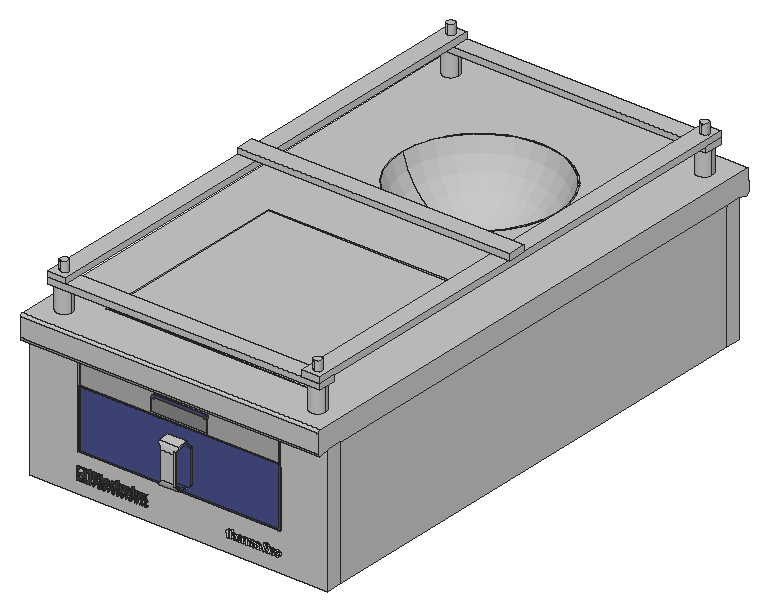
Revit family "QF_ELECTROLUXPROFESSIONAL_589851_MCIKACEODM", category Attrezzature speciali, Revit 2020
Family settings
  Quota connettore circolare = Usa diametro
  Tipo di parte = Normale
  Basato su piano di lavoro = No
  Sempre verticale = Sì
  Taglio con vuoti quando caricato = No
  Condiviso = No
  Punto di calcolo locali = No
Parameters (values of type "Standard")
  Weight = 25.00 kg
  Watts = 10000 W
  Volts = 440 V
  URL Manufacturer = "https://www.electroluxprofessional.com/"
  URL = "https://www.electroluxprofessional.com/"
  Steam Supply Size = 0"
  Steam Supply Minimum Pressure = 0.00 psi
  Steam Supply Maximum Pressure = 0.00 psi
  Steam Consumption per Hour = 0
  Refrigeration Suction Line Size = 0 mm
  Refrigeration Liquid Line Size = 0 mm
  Refrigerant Compressor Remote = yes
  Prospetto di default = 0 mm
  Phase = 3
  Modello = "MCIKACEODM"
  Produttore = "Electrolux Professional"
  Length Actual = 500 mm  # constant formula
  Item Number = "589851"
  Hot Water Size = 0"
  Height Actual = 250 mm  # constant formula
  HP = "13.4 HP"
  Gas Size = 0"
  Gas KW = 0
  Gas Input Pressure = 0.0 Btu/h
  Direct Waste Size = 0"
  Descrizione = "MARINE*IND.WOK,PLATE,2Z,2S,500X900X250H"
  Depth Actual = 900 mm  # constant formula
  Cycle = 50 Hz
  Condensate Return Size = 0"
  Compressed Air Volume = 0 GPM
  Compressed Air Size = 0"
  Compressed Air Pressure = 0.00 psi
  Cold Water Size = 0"
  Accessory = yes
Reference planes
  plane 1 "BACK": y = 0
  plane 2: z = 0
  plane 3 "LEFT": x = 0
  plane 4 "RIGHT": x = 500
  plane 5 "FRONT": y = -900
  plane 6 "TOP": z = 900
  plane 7 "Center (Left/Right)": x = 250
  plane 8 "Center (Back/Front)": y = -450
  plane 9: y = -150
  plane 10: x = 80
  plane 11: x = 420
  plane 12: y = -80
  plane 13: y = -420
  plane 14 "EIx": x = 455
  plane 15 "EIy": y = -685
  plane 16: z = 938
  plane 17 "BaseTop": z = 650
  plane 18: y = -855
  plane 19 "CenterWok": z = 975
  plane 20 "CenterWokY": y = -250
  plane 21: y = -650
Forms (mm)
  Extrusion 1, solid, material "QF_Finishes_Stainless Steel"
    sketch origin (0, 0, 650) x (-1, 0, 0) y (0, -1, 0)
      loop
        line (0, 45) -> (0, 855) -> (-500, 855) -> (-500, 45) -> (0, 45)
    from 0 to 212.969
  Extrusion 2, solid, material "QF_Finishes_Stainless Steel"
    sketch origin (0, 0, 650) x (-1, 0, 0) y (0, -1, 0)
      loop
        circle (-455, 685) r 6.35
    from 0 to -11.851
  Extrusion 3, solid, material "QF_Finishes_Stainless Steel"
    sketch origin (250, 296.4, 1219.2) x (0, 1, 0) y (0, 0, 1)
      loop
        line (-296.4, -319.2) -> (-1191.4, -319.2)
        arc (-1191.4, -319.2) -> (-1194.935, -320.664) -> (-1196.4, -324.2) r 5
        line (-1196.4, -324.2) -> (-1196.4, -355.2)
        arc (-1196.4, -355.2) -> (-1194.971, -358.264) -> (-1191.705, -359.139) r 4
        line (-1191.705, -359.139) -> (-1176.4, -356.231) -> (-316.4, -356.231) -> (-301.094, -359.139)
        arc (-301.094, -359.139) -> (-297.829, -358.264) -> (-296.4, -355.2) r 4
        line (-296.4, -355.2) -> (-296.4, -319.2)
    from -250 to 250
  Revolve 4, void
    sketch origin (0, -250, 0) x (-1, 0, 0) y (0, 0, 1)
      loop
        line (-250, 900) -> (-250, 796.046)
        arc (-250, 796.046) -> (-166.56, 825.209) -> (-119.452, 900) r 133.95
        line (-119.452, 900) -> (-250, 900)
      axis (-250, 900) -> (-250, 796.046)
    angle from 0 to 360
  Revolve 5, solid, material "QF_Finishes_Stainless Steel"
    sketch origin (0, -250, 0) x (-1, 0, 0) y (0, 0, 1)
      loop
        arc (-120.643, 900) -> (-167.423, 826.111) -> (-250, 797.321) r 132.823
        line (-250, 797.321) -> (-250, 796.252)
        arc (-250, 796.252) -> (-166.66, 825.351) -> (-119.546, 900) r 133.892
        line (-119.546, 900) -> (-120.643, 900)
      axis (-250, 796.252) -> (-250, 900)
    angle from 0 to 360
  Extrusion 6, void
    sketch origin (0, -400, 900) x (-1, 0, 0) y (0, -1, 0)
      loop
        line (-80, 80) -> (-80, 420) -> (-420, 420) -> (-420, 80) -> (-80, 80)
    from 0 to -20
  Extrusion 7, solid, material "QF_Finishes_Stainless Steel"
    sketch origin (0, -400, 900) x (-1, 0, 0) y (0, -1, 0)
      loop
        line (-82, 418) -> (-418, 418) -> (-418, 82) -> (-82, 82) -> (-82, 418)
    from 0 to -20
  Extrusion 8, solid, material "QF_Finishes_Stainless Steel"
    sketch origin (97.542, 0.026, 940) x (0, 1, 0) y (-1, 0, 0)
      loop
        line (-30, 75) -> (-60, 75) -> (-60, -380) -> (-30, -380) -> (-30, 75)
      loop
        line (-870, 75) -> (-870, -380) -> (-840, -380) -> (-840, 75) -> (-870, 75)
      loop
        circle (-855, 60) r 6.5
      loop
        circle (-855, -365) r 6.5
      loop
        circle (-45, 60) r 6.5
      loop
        circle (-45, -365) r 6.5
    from 0 to 10
  Extrusion 9, solid, material "QF_Finishes_Stainless Steel"
    sketch origin (97.542, 0.026, 950) x (0, 1, 0) y (-1, 0, 0)
      loop
        line (-30, 75) -> (-870, 75) -> (-870, 45) -> (-30, 45) -> (-30, 75)
      loop
        line (-30, -380) -> (-30, -350) -> (-870, -350) -> (-870, -380) -> (-30, -380)
      loop
        circle (-45, 60) r 6.5
      loop
        circle (-45, -365) r 6.5
      loop
        circle (-855, 60) r 6.5
      loop
        circle (-855, -365) r 6.5
    from 0 to 10
  Extrusion 10, solid, material "QF_Finishes_Stainless Steel"
    sketch origin (97.542, 0.026, 960) x (0, 1, 0) y (-1, 0, 0)
      loop
        line (-442.5, 75) -> (-472.5, 75) -> (-472.5, -380) -> (-442.5, -380) -> (-442.5, 75)
    from 0 to 10
  Extrusion 11, solid, material "QF_Finishes_Stainless Steel"
    sketch origin (97.542, -0.974, 900) x (-1, 0, 0) y (0, -1, 0)
      loop
        circle (60, 44) r 13
      loop
        circle (-365, 44) r 13
      loop
        circle (60, 854) r 13
      loop
        circle (-365, 854) r 13
    from 0 to 40
  Extrusion 12, solid, material "QF_Finishes_Stainless Steel"
    sketch origin (97.542, -0.974, 940) x (0, 1, 0) y (-1, 0, 0)
      loop
        circle (-854, 60) r 6.5
      loop
        circle (-854, -365) r 6.5
      loop
        circle (-44, 60) r 6.5
      loop
        circle (-44, -365) r 6.5
    from 0 to 35
Cuts and joins
  Revolve 4, Extrusion 6 cuts Extrusion 3
  Revolve 4 cuts Extrusion 1
Lines and regions (mm)
  symbolic lines
    curve 1: line (0, 0, 100) -> (500, 0, 100)
    curve 2: line (0, -900, 100) -> (0, 0, 100)
    curve 3: line (500, -900, 100) -> (0, -900, 100)
    curve 4: line (500, 0, 100) -> (500, -900, 100)
    curve 5: circle (250, -250, 0) r 135 normal (0, 0, 1)
    curve 6: line (80, -480, 900) -> (420, -480, 900)
    curve 7: line (80, -820, 900) -> (80, -480, 900)
    curve 8: line (420, -820, 900) -> (80, -820, 900)
    curve 9: line (420, -480, 900) -> (420, -820, 900)
    curve 24: line (22.542, -29.974, 900) -> (477.542, -29.974, 900)
    curve 25: line (22.542, -59.974, 900) -> (22.542, -29.974, 900)
    curve 26: line (447.542, -59.974, 900) -> (52.542, -59.974, 900)
    curve 27: line (477.542, -29.974, 900) -> (477.542, -59.974, 900)
    curve 28: line (22.542, -442.474, 900) -> (477.542, -442.474, 900)
    curve 29: line (22.542, -472.474, 900) -> (22.542, -442.474, 900)
    curve 30: line (477.542, -472.474, 900) -> (22.542, -472.474, 900)
    curve 31: line (477.542, -442.474, 900) -> (477.542, -472.474, 900)
    curve 32: line (52.542, -839.974, 900) -> (447.542, -839.974, 900)
    curve 33: line (22.542, -869.974, 900) -> (22.542, -839.974, 900)
    curve 34: line (477.542, -869.974, 900) -> (22.542, -869.974, 900)
    curve 35: line (477.542, -839.974, 900) -> (477.542, -869.974, 900)
    curve 36: line (22.542, -59.974, 900) -> (22.542, -442.474, 900)
    curve 37: line (22.542, -472.474, 900) -> (22.542, -839.974, 900)
    curve 38: line (477.542, -839.974, 900) -> (477.542, -472.474, 900)
    curve 39: line (477.542, -442.474, 900) -> (477.542, -59.974, 900)
    curve 40: line (447.542, -29.974, 900) -> (447.542, -442.474, 900)
    curve 41: line (447.542, -472.474, 900) -> (447.542, -869.974, 900)
    curve 42: line (52.542, -869.974, 900) -> (52.542, -472.474, 900)
    curve 43: line (52.542, -442.474, 900) -> (52.542, -29.974, 900)
    curve 44: circle (37.542, -44.974, 900) r 6.5 normal (0, 0, 1)
    curve 45: circle (462.542, -44.974, 900) r 6.5 normal (0, 0, 1)
    curve 46: circle (37.542, -854.974, 900) r 6.5 normal (0, 0, 1)
    curve 47: circle (462.542, -854.974, 900) r 6.5 normal (0, 0, 1)
  model lines
    curve 10: line (88.477, -504.179, 900) -> (102.619, -490.037, 900)
    curve 11: line (102.619, -490.037, 900) -> (397.381, -490.037, 900)
    curve 12: line (103.636, -507.353, 900) -> (89.494, -521.495, 900)
    curve 13: line (89.494, -521.495, 900) -> (89.494, -778.505, 900)
    curve 14: line (225, -625, 900) -> (275, -625, 900)
    curve 15: line (88.477, -795.821, 900) -> (102.619, -809.963, 900)
    curve 16: line (102.619, -809.963, 900) -> (397.381, -809.963, 900)
    curve 17: line (103.636, -792.647, 900) -> (89.494, -778.505, 900)
    curve 18: line (411.523, -504.179, 900) -> (397.381, -490.037, 900)
    curve 19: line (396.364, -507.353, 900) -> (410.506, -521.495, 900)
    curve 20: line (410.506, -521.495, 900) -> (410.506, -778.505, 900)
    curve 21: line (411.523, -795.821, 900) -> (397.381, -809.963, 900)
    curve 22: line (396.364, -792.647, 900) -> (410.506, -778.505, 900)
    curve 23: line (250, -650, 900) -> (250, -600, 900)
Dimensions and locks
  plane 3 "LEFT" to plane 4 "RIGHT" = 500 mm
  plane 5 "FRONT" to plane 1 "BACK" = 900 mm
  equal spacing: plane 3 "LEFT", plane 7 "Center (Left/Right)", plane 4 "RIGHT"
  equal spacing: plane 5 "FRONT", plane 8 "Center (Back/Front)", plane 1 "BACK"
  plane 6 "TOP" to level = 900 mm  (x2)
  plane 1 "BACK" to plane 9 = 150 mm
  plane 1 "BACK" to Extrusion 2 = 685 mm
  locked: plane 14 "EIx" to plane 4 "RIGHT" at 45
  plane 15 "EIy" to plane 1 "BACK" = 685 mm
  plane 16 to plane 6 "TOP" = 38 mm
  plane 12 to plane 1 "BACK" = 80 mm
  plane 3 "LEFT" to plane 10 = 80 mm
  plane 11 to plane 4 "RIGHT" = 80 mm
  locked: plane 6 "TOP" to plane 17 "BaseTop" at 250
  locked: plane 18 to plane 5 "FRONT" at 45
  plane 19 "CenterWok" to plane 6 "TOP" = 75 mm  (x2)
  plane 13 to plane 12 = 340 mm
  plane 20 "CenterWokY" to plane 1 "BACK" = 250 mm
  plane 5 "FRONT" to plane 21 = 250 mm
  aligned and locked: level to plane 2
  aligned and locked: nested 1 to plane 18
  aligned and locked: Extrusion 1 to plane 18
  aligned and locked: plane 3 "LEFT" to nested 1
  aligned and locked: cut or joined group of Extrusion 1, Revolve 4 to plane 17 "BaseTop"
  aligned and locked: cut or joined group of Extrusion 1, Revolve 4 to cut or joined group of Extrusion 3, Revolve 4, Extrusion 6
  aligned and locked: nested 2 to cut or joined group of Extrusion 1, Revolve 4
Automatic sketch dimensions
  Extrusion 2 sketch curve to plane 14 "EIx" = 0 mm
  Extrusion 2 sketch curve to plane 15 "EIy" = 0 mm
  Extrusion 6 sketch curve to plane 11 = 0 mm
  Extrusion 6 sketch curve to plane 10 = 0 mm
  plane 12 to Extrusion 6 sketch curve = 400 mm
  plane 13 to Extrusion 6 sketch curve = 400 mm
  plane 13 to Extrusion 7 sketch curve = 398 mm
  plane 11 to Extrusion 7 sketch curve = 2 mm
  Extrusion 7 sketch curve to plane 10 = 2 mm
  plane 12 to Extrusion 7 sketch curve = 402 mm
  Extrusion 3 sketch curve to plane 5 "FRONT" = 0 mm
  Extrusion 3 sketch curve to plane 6 "TOP" = 0 mm
  Extrusion 3 sketch curve to plane 1 "BACK" = 0 mm
  Extrusion 3 sketch curve to Extrusion 3 sketch curve = 4 mm
  Extrusion 3 sketch curve to Extrusion 3 sketch curve = 0.695 mm
  Extrusion 3 sketch curve to plane 5 "FRONT" = 5 mm
  Extrusion 3 sketch curve to Extrusion 3 sketch curve = 15.305 mm
  plane 1 "BACK" to Extrusion 3 sketch curve = 20 mm
  plane 1 "BACK" to Extrusion 3 sketch curve = 4.695 mm
  plane 1 "BACK" to Extrusion 3 sketch curve = 4 mm
  Extrusion 3 sketch curve to Extrusion 3 sketch curve = 31 mm
  Extrusion 3 sketch curve to Extrusion 3 sketch curve = 36 mm
  Extrusion 3 sketch curve to Extrusion 3 sketch curve = 2.909 mm
  curve 5 to plane 7 "Center (Left/Right)" = 0 mm
  curve 5 to plane 20 "CenterWokY" = 0 mm
  plane 1 "BACK" to curve 1 = 0 mm
  curve 1 to plane 4 "RIGHT" = 0 mm
  curve 3 to plane 3 "LEFT" = 0 mm
  plane 5 "FRONT" to curve 3 = 0 mm
  Revolve 4 sketch curve to plane 7 "Center (Left/Right)" = 0 mm  (x2)
  Revolve 4 sketch curve to plane 6 "TOP" = 0 mm
  Revolve 4 sketch curve to plane 10 = 39.452 mm
  Revolve 4 sketch curve to plane 6 "TOP" = 103.954 mm
  Revolve 4 sketch curve to Revolve 4 sketch curve = 0 mm
  plane 19 "CenterWok" to Revolve 4 sketch curve = 139.996 mm
  Revolve 5 sketch curve to Revolve 5 sketch curve = 0 mm  (x2)
  Revolve 5 sketch curve to plane 7 "Center (Left/Right)" = 0 mm  (x2)
  Revolve 5 sketch curve to plane 6 "TOP" = 0 mm
  Revolve 5 sketch curve to plane 10 = 40.643 mm
  Revolve 5 sketch curve to Revolve 5 sketch curve = 1.098 mm
  Revolve 5 sketch curve to plane 6 "TOP" = 102.679 mm
  Revolve 5 sketch curve to Revolve 5 sketch curve = 3.331 mm
  plane 16 to Revolve 5 sketch curve = 2.653 mm
  Extrusion 8 sketch curve to plane 18 = 14.974 mm
  plane 18 to Extrusion 8 sketch curve = 0.026 mm  (x2)
  plane 18 to Extrusion 8 sketch curve = 15.026 mm
  Extrusion 8 sketch curve to plane 12 = 20.026 mm
  Extrusion 8 sketch curve to Extrusion 8 sketch curve = 15 mm  (x7)
  Extrusion 8 sketch curve to plane 14 "EIx" = 7.542 mm  (x2)
  plane 3 "LEFT" to Extrusion 8 sketch curve = 37.542 mm  (x2)
  Extrusion 9 sketch curve to plane 18 = 14.974 mm  (x2)
  plane 18 to Extrusion 9 sketch curve = 0.026 mm  (x2)
  Extrusion 9 sketch curve to plane 12 = 35.026 mm  (x2)
  Extrusion 9 sketch curve to plane 14 "EIx" = 7.542 mm  (x2)
  plane 14 "EIx" to Extrusion 9 sketch curve = 7.458 mm
  Extrusion 9 sketch curve to Extrusion 9 sketch curve = 15 mm  (x6)
  plane 10 to Extrusion 9 sketch curve = 27.458 mm
  Extrusion 11 sketch curve to plane 14 "EIx" = 7.542 mm  (x2)
  plane 18 to Extrusion 11 sketch curve = 0.026 mm  (x2)
  plane 3 "LEFT" to Extrusion 11 sketch curve = 37.542 mm  (x2)
  Extrusion 11 sketch curve to plane 12 = 35.026 mm  (x2)
  plane 18 to Extrusion 12 sketch curve = 0.026 mm  (x2)
  Extrusion 12 sketch curve to plane 14 "EIx" = 7.542 mm  (x2)
  Extrusion 12 sketch curve to plane 12 = 35.026 mm  (x2)
  plane 3 "LEFT" to Extrusion 12 sketch curve = 37.542 mm  (x2)
  Extrusion 1 sketch curve to plane 4 "RIGHT" = 0 mm
  Extrusion 1 sketch curve to plane 3 "LEFT" = 0 mm
  Extrusion 1 sketch curve to plane 18 = 0 mm
  Extrusion 1 sketch curve to plane 12 = 35 mm
  plane 3 "LEFT" to Extrusion 10 sketch curve = 22.542 mm
  plane 13 to Extrusion 10 sketch curve = 52.474 mm
  Extrusion 10 sketch curve to Extrusion 10 sketch curve = 30 mm
  plane 4 "RIGHT" to Extrusion 10 sketch curve = 22.458 mm
  curve 9 to plane 11 = 0 mm
  plane 7 "Center (Left/Right)" to curve 23 = 0 mm
  curve 7 to plane 10 = 0 mm
  plane 12 to curve 6 = 400 mm
  plane 13 to curve 8 = 400 mm
  plane 4 "RIGHT" to curve 31 = 22.458 mm
  plane 11 to curve 19 = 9.494 mm
  plane 13 to curve 21 = 389.963 mm
  plane 11 to curve 21 = 22.619 mm
  plane 12 to curve 11 = 410.037 mm
  plane 11 to curve 11 = 22.619 mm
  curve 16 to plane 10 = 22.619 mm
  curve 10 to plane 10 = 22.619 mm
  curve 13 to plane 10 = 9.494 mm
  plane 3 "LEFT" to curve 37 = 22.542 mm
  curve 27 to plane 12 = 20.026 mm
  curve 25 to plane 12 = 20.026 mm
  plane 1 "BACK" to curve 27 = 29.974 mm
  curve 12 to plane 9 = 371.495 mm
  curve 20 to plane 9 = 371.495 mm
  curve 22 to curve 16 = 31.458 mm
  curve 17 to curve 15 = 31.458 mm
  plane 8 "Center (Back/Front)" to curve 31 = 7.526 mm
  curve 29 to plane 8 "Center (Back/Front)" = 22.474 mm
  plane 18 to curve 38 = 15.026 mm
  plane 18 to curve 37 = 15.026 mm
  curve 34 to plane 18 = 14.974 mm
  plane 14 "EIx" to curve 41 = 7.458 mm
  plane 14 "EIx" to curve 40 = 7.458 mm
  plane 11 to curve 18 = 8.477 mm
  plane 11 to curve 21 = 8.477 mm
  curve 18 to curve 19 = 15.16 mm
  curve 21 to curve 22 = 15.16 mm
  plane 7 "Center (Left/Right)" to curve 14 = 25 mm
  curve 14 to plane 7 "Center (Left/Right)" = 25 mm
  curve 17 to curve 15 = 1.017 mm
  curve 12 to curve 10 = 1.017 mm
  curve 10 to plane 10 = 8.477 mm
  curve 15 to plane 10 = 8.477 mm
  plane 10 to curve 43 = 27.458 mm
  plane 10 to curve 42 = 27.458 mm
  curve 26 to plane 12 = 20.026 mm
  curve 18 to curve 19 = 17.316 mm
  curve 10 to curve 12 = 17.316 mm
  curve 10 to curve 12 = 3.173 mm
  curve 18 to curve 19 = 3.173 mm
  curve 23 to plane 9 = 450 mm
  curve 23 to curve 14 = 25 mm
  curve 14 to curve 23 = 25 mm
  curve 22 to curve 16 = 17.316 mm
  curve 17 to curve 15 = 17.316 mm
  curve 17 to curve 15 = 3.173 mm
  curve 22 to curve 21 = 3.173 mm
  plane 18 to curve 32 = 15.026 mm
  radius of Extrusion 2 sketch curve = 6.35 mm
  radius of curve 5 = 135 mm
  radius of Extrusion 8 sketch curve = 6.5 mm  (x4)
  radius of Extrusion 9 sketch curve = 6.5 mm  (x4)
  radius of Extrusion 11 sketch curve = 13 mm  (x4)
  radius of Extrusion 12 sketch curve = 6.5 mm  (x4)
Nested families
  nested 1: "Front_Panel_W500_1 Knob" at (52.376, -855, 0), type "Front_Panel_W500_1 Knob"
  nested 2: "Front_Panel_W500_1 Knob" at (447.624, -45, 0) x (-1, 0, 0) z (0, 0, 1), type "Front_Panel_W500_1 Knob"
Connectors
  electrical at (455, -685, 638.149)
    settings: on Extrusion 2, index 1, voltage 400 V, apparent load 33000 VA, apparent load phase1 0 VA, apparent load phase2 0 VA, apparent load phase3 0 VA, power factor 1, load classification "Other", number of poles 1, system type 30, power factor state 1, is connector primary yes, connector utility no, sub classification motor no, connector description "ELECTRICAL CONNECTION"
Definition of nested family "Front_Panel_W500_1 Knob"
  Parameters
    Width = 500 mm
    Default Elevation = 0 mm
  Reference planes
    plane 1 "Center (Front/Back)": y = 0
    plane 2: z = 0
    plane 3 "Center (Left/Right)": x = 197.624
    plane 4 "Left": x = -52.376
    plane 5 "Right": x = 447.624
    plane 6: y = -45
    plane 7: y = -25
    plane 8: x = 367.624
    plane 9: x = 27.624
  Forms (mm)
    Extrusion 1, solid
      sketch origin (833.217, 829.203, -1.25) x (0, 1, 0) y (0, 0, 1)
        loop
          line (-854.203, 651.25) -> (-829.203, 651.25) -> (-829.203, 864.25) -> (-854.203, 864.25) -> (-854.203, 651.25)
      from -885.593 to -385.593
    Extrusion 2, void
      sketch origin (0, 0, 0) x (1, 0, 0) y (0, 0, 1)
        loop
          line (27.624, 853.866) -> (27.624, 711.866) -> (367.624, 711.866) -> (367.624, 853.866) -> (27.624, 853.866)
      from 19.387 to 33.951
  Cuts and joins
    Extrusion 2 cuts Extrusion 1
  Dimensions and locks
    equal spacing: plane 5 "Right", plane 3 "Center (Left/Right)", plane 4 "Left"
    "Width": plane 5 "Right" to plane 4 "Left"
    locked: plane 3 "Center (Left/Right)" to plane 9 at 170
    locked: plane 8 to plane 3 "Center (Left/Right)" at 170
    aligned and locked: cut or joined group of Extrusion 1, Extrusion 2 to plane 4 "Left"
    aligned and locked: plane 5 "Right" to cut or joined group of Extrusion 1, Extrusion 2
    aligned and locked: plane 3 "Center (Left/Right)" to nested 1
    aligned and locked: cut or joined group of Extrusion 1, Extrusion 2 to nested 1
    aligned and locked: plane 9 to Extrusion 2 sketch curve
    aligned and locked: Extrusion 2 sketch curve to plane 8
    aligned and locked: plane 9 to cut or joined group of Extrusion 1, Extrusion 2
    aligned and locked: plane 8 to cut or joined group of Extrusion 1, Extrusion 2
    aligned and locked: plane 9 to nested 1
    aligned and locked: plane 8 to nested 1
    aligned and locked: nested 4 to plane 9
  Automatic sketch dimensions
    Extrusion 1 sketch curve to plane 1 "Center (Front/Back)" = 0 mm
    level to Extrusion 1 sketch curve = 650 mm
    level to Extrusion 2 sketch curve = 711.866 mm
    Extrusion 2 sketch curve to Extrusion 2 sketch curve = 142 mm
    Extrusion 1 sketch curve to plane 6 = 20 mm
    Extrusion 1 sketch curve to Extrusion 1 sketch curve = 213 mm
  Nested families
    nested 1: "Front glass control panel W340_1 Knob" at (197.624, 280.644, 2.752), type "Front glass control panel W340_1 Knob"
    nested 2: "Range Control Handle" at (197.624, -28.137, -209.113) x (-1, 0, 0) z (0, 0, 1), type "Range Control Handle"
    nested 3: "ELX_ThermaLine_Small" at (319.031, -25, 679.426) x (1, 0, 0) z (0, -1, 0), type "ELX_ThermaLine_Small"
      with Show Logo yes, Material_Logo none
    nested 4: "ELX_Professional_Logo_Small" at (87.11, -25, 681.659) x (1, 0, 0) z (0, -1, 0), type "ELX_Professional_Logo_Small"
      with Show Logo yes, Material_Logo none
  Definition of nested family "Front glass control panel W340_1 Knob"
    Parameters
      Default Elevation = 0 mm
    Reference planes
      plane 1 "Center (Front/Back)": y = 0
      plane 2: z = 0
      plane 3 "Center (Left/Right)": x = 0
    Forms (mm)
      Extrusion 1, solid
        sketch origin (378.286, 0, 0.617) x (1, 0, 0) y (0, 0, 1)
          loop
            line (-548.286, 806.791) -> (-548.286, 708.497) -> (-208.286, 708.497) -> (-208.286, 806.791) -> (-548.286, 806.791)
        from 300.031 to 304.8
      Extrusion 2, solid
        sketch origin (378.286, 0, 0.617) x (1, 0, 0) y (0, 0, 1)
          loop
            line (-548.286, 850.497) -> (-548.286, 806.791) -> (-208.286, 806.791) -> (-208.286, 850.497) -> (-548.286, 850.497)
        from 300.031 to 304.8
      Extrusion 3, void
        sketch origin (378.286, 0, 0.617) x (1, 0, 0) y (0, 0, 1)
          loop
            line (-545.628, 847.565) -> (-545.628, 710.699) -> (-211.196, 710.699) -> (-211.196, 847.565) -> (-545.628, 847.565)
        from 303.697 to 304.8
      Extrusion 4, solid
        sketch origin (308.309, 1.101, -0.633) x (1, 0, 0) y (0, 0, 1)
          loop
            line (-261.431, 812.62) -> (-261.431, 834.177) -> (-266.24, 834.177) -> (-268.039, 835.977) -> (-348.469, 835.977) -> (-350.269, 834.177) -> (-355.186, 834.177) -> (-355.186, 812.62) -> (-261.431, 812.62)
        from 304.798 to 306.745
      Extrusion 5, solid
        sketch origin (308.309, 1.101, -0.633) x (1, 0, 0) y (0, 0, 1)
          loop
            line (-350.269, 834.177) -> (-348.469, 835.977) -> (-268.039, 835.977) -> (-266.24, 834.177) -> (-261.529, 834.177)
            arc (-261.529, 834.177) -> (-262.706, 838.752) -> (-266.98, 840.763) r 5.549
            line (-266.98, 840.763) -> (-349.686, 840.763)
            arc (-349.686, 840.763) -> (-353.942, 838.747) -> (-355.078, 834.177) r 5.5
            line (-355.078, 834.177) -> (-350.269, 834.177)
        from 304.798 to 306.745
    Cuts and joins
      Extrusion 3 cuts Extrusion 1
      Extrusion 3 cuts Extrusion 2
    Dimensions and locks
      equal spacing: cut or joined group of Extrusion 2, Extrusion 3, plane 3 "Center (Left/Right)", cut or joined group of Extrusion 2, Extrusion 3
      cut or joined group of Extrusion 2, Extrusion 3 to cut or joined group of Extrusion 2, Extrusion 3 = 340 mm
      aligned and locked: Extrusion 1 to Extrusion 2
      aligned and locked: Extrusion 5 to Extrusion 4
    Automatic sketch dimensions
      Extrusion 1 sketch curve to plane 3 "Center (Left/Right)" = 170 mm
      plane 3 "Center (Left/Right)" to Extrusion 1 sketch curve = 170 mm
      level to Extrusion 1 sketch curve = 709.114 mm
      Extrusion 1 sketch curve to Extrusion 1 sketch curve = 98.294 mm
      Extrusion 2 sketch curve to plane 3 "Center (Left/Right)" = 170 mm
      plane 3 "Center (Left/Right)" to Extrusion 2 sketch curve = 170 mm
      level to Extrusion 2 sketch curve = 807.408 mm
      Extrusion 2 sketch curve to Extrusion 2 sketch curve = 43.706 mm
      Extrusion 3 sketch curve to plane 3 "Center (Left/Right)" = 167.342 mm
      plane 3 "Center (Left/Right)" to Extrusion 3 sketch curve = 167.091 mm
      level to Extrusion 3 sketch curve = 711.316 mm
      Extrusion 3 sketch curve to Extrusion 3 sketch curve = 136.866 mm
      Extrusion 4 sketch curve to plane 3 "Center (Left/Right)" = 46.877 mm
      Extrusion 4 sketch curve to Extrusion 4 sketch curve = 4.917 mm
      Extrusion 4 sketch curve to Extrusion 4 sketch curve = 1.8 mm  (x3)
      plane 3 "Center (Left/Right)" to Extrusion 4 sketch curve = 40.269 mm
      Extrusion 4 sketch curve to Extrusion 4 sketch curve = 4.809 mm
      level to Extrusion 4 sketch curve = 811.987 mm
      Extrusion 4 sketch curve to Extrusion 4 sketch curve = 21.557 mm  (x2)
      Extrusion 5 sketch curve to plane 3 "Center (Left/Right)" = 46.769 mm
      Extrusion 5 sketch curve to Extrusion 5 sketch curve = 4.809 mm
      Extrusion 5 sketch curve to Extrusion 5 sketch curve = 0.583 mm
      Extrusion 5 sketch curve to Extrusion 5 sketch curve = 1.217 mm
      plane 3 "Center (Left/Right)" to Extrusion 5 sketch curve = 40.269 mm
      Extrusion 5 sketch curve to Extrusion 5 sketch curve = 1.059 mm
      Extrusion 5 sketch curve to Extrusion 5 sketch curve = 0.741 mm
      Extrusion 5 sketch curve to Extrusion 5 sketch curve = 4.711 mm
      level to Extrusion 5 sketch curve = 833.543 mm
      Extrusion 5 sketch curve to Extrusion 5 sketch curve = 0 mm
      Extrusion 5 sketch curve to Extrusion 5 sketch curve = 1.037 mm
      Extrusion 5 sketch curve to Extrusion 5 sketch curve = 0.714 mm
  Definition of nested family "Range Control Handle"
    Parameters
      Default Elevation = 0 mm
    Reference planes
      plane 1 "Center (Front/Back)": y = 0
      plane 2: z = 0
      plane 3 "Center (Left/Right)": x = 0
      plane 4: z = 971.092
      plane 5: y = -16.9
    Forms (mm)
      Extrusion 1, solid
        sketch origin (-746.28, 380.497, 208.931) x (-1, 0, 0) y (0, 0, 1)
          loop
            line (-770.101, 786.798) -> (-770.101, 731.649)
            arc (-770.101, 731.649) -> (-769.759, 730.563) -> (-768.855, 729.87) r 1.893
            line (-768.855, 729.87) -> (-763.474, 727.911) -> (-729.81, 727.911) -> (-724.428, 729.87)
            arc (-724.428, 729.87) -> (-723.525, 730.563) -> (-723.183, 731.649) r 1.893
            line (-723.183, 731.649) -> (-723.183, 786.798)
            arc (-723.183, 786.798) -> (-723.529, 787.894) -> (-724.44, 788.593) r 1.91
            line (-724.44, 788.593) -> (-729.683, 790.819) -> (-763.601, 790.819) -> (-768.844, 788.593)
            arc (-768.844, 788.593) -> (-769.755, 787.894) -> (-770.101, 786.798) r 1.91
        from -382.35 to -378.852
      Sweep 2, solid
        path origin (-746.788, 380.496, 208.091) x (0, -1, 0) y (0, 0, 1)
          loop
            line (379.775, 793.281) -> (395.661, 791.048)
            arc (395.661, 791.048) -> (397.781, 787.377) -> (398.517, 783.202) r 12.207
            line (398.517, 783.202) -> (398.517, 737.368)
            arc (398.517, 737.368) -> (397.781, 733.193) -> (395.661, 729.522) r 12.207
            line (395.661, 729.522) -> (379.775, 727.289)
        profile origin (-746.788, -7.222, 1000.256) x (0, -0.139173, 0.990268) y (-1, 0, 0)
          loop
            line (0.782, -763.123) -> (0.782, -730.907) -> (-1.322, -730.907) -> (-1.322, -763.123) -> (0.782, -763.123)
      Sweep 3, solid
        path origin (-746.788, 380.715, 207.832) x (0, -1, 0) y (0, 0, 1)
          loop
            line (380.478, 795.442) -> (397.218, 793.09)
            arc (397.218, 793.09) -> (399.929, 788.473) -> (400.871, 783.202) r 15.207
            line (400.871, 783.202) -> (400.871, 737.584)
            arc (400.871, 737.584) -> (399.914, 732.274) -> (397.164, 727.633) r 15.207
            line (397.164, 727.633) -> (380.601, 725.305)
        profile origin (-746.788, -8.132, 1002.099) x (0, -0.139173, 0.990268) y (-1, 0, 0)
          loop
            line (0.782, -763.123) -> (0.782, -730.907) -> (-1.322, -730.907) -> (-1.322, -763.123) -> (0.782, -763.123)
      Extrusion 4, void
        sketch origin (889.253, 220.666, 207.993) x (1, 0, 0) y (0, 0, 1)
          loop
            line (-943.038, 816.854) -> (-943.038, 703.686) -> (-899.466, 734.196) -> (-899.466, 786.344) -> (-943.038, 816.854)
        from 230.636 to 242.25
      Extrusion 5, void
        sketch origin (-888.8, 220.666, 207.993) x (-1, 0, 0) y (0, 0, -1)
          loop
            line (-943.038, -816.854) -> (-899.466, -786.344) -> (-899.466, -734.196) -> (-943.038, -703.686) -> (-943.038, -816.854)
        from 230.636 to 242.25
      Extrusion 6, solid
        sketch origin (0, 0, 0) x (1, 0, 0) y (0, 0, 1)
          loop
            circle (0, 971.092) r 7.736
        from -3.137 to -1.645
    Cuts and joins
      Extrusion 4, Extrusion 5 cuts Sweep 3
      Extrusion 4, Extrusion 5 cuts Sweep 2
      joined: Extrusion 1, Extrusion 6
    Lines and regions (mm)
      symbolic lines
        curve 1: line (16.334, -16.9, 0) -> (16.334, -19.227, 0)
        curve 2: spline (16.334, -19.227, 0) -> (15.87, -19.385, 0) -> (15.404, -19.536, 0) -> (14.936, -19.678, 0) -> (14.466, -19.813, 0) -> (13.995, -19.94, 0) -> (13.523, -20.059, 0) -> (13.049, -20.171, 0) -> (12.575, -20.274, 0) -> (12.099, -20.37, 0) -> (11.622, -20.458, 0) -> (11.144, -20.537, 0) -> (10.666, -20.609, 0)
        curve 3: line (10.666, -16.9, 0) -> (10.666, -20.938, 0)
        curve 4: line (-10.213, -20.938, 0) -> (10.666, -20.938, 0)
        curve 5: line (-10.213, -20.938, 0) -> (-10.213, -16.9, 0)
        curve 6: spline (-10.213, -20.609, 0) -> (-10.691, -20.537, 0) -> (-11.169, -20.458, 0) -> (-11.646, -20.37, 0) -> (-12.122, -20.274, 0) -> (-12.597, -20.171, 0) -> (-13.07, -20.059, 0) -> (-13.542, -19.94, 0) -> (-14.013, -19.813, 0) -> (-14.483, -19.678, 0) -> (-14.951, -19.536, 0) -> (-15.417, -19.385, 0) -> (-15.881, -19.227, 0)
        curve 7: line (-15.881, -19.227, 0) -> (-15.881, -16.9, 0)
  Definition of nested family "ELX_ThermaLine_Small"
    Parameters
      Show Logo [instance] = yes
      Material_Logo [instance] = none
      Default Elevation = 0 mm
    Reference planes
      plane 1 "Centro (Fronte/Retro)": y = 0
      plane 2: z = 0
      plane 3 "Centro (Sinistra/Destra)": x = 0
    Forms (mm)
      Extrusion 1, solid
        sketch origin (0, 0, 0) x (1, 0, 0) y (0, 1, 0)
          loop
            line (-1219.2, 1219.2) -> (-1219.2, -1219.2) -> (1219.2, -1219.2) -> (1219.2, 1219.2) -> (-1219.2, 1219.2)
        from 0 to -304.8
      Extrusion 2, solid
        sketch origin (0, 0, 0) x (1, 0, 0) y (0, 1, 0)
          loop
            line (-37.494, 1.229) -> (-35.908, 1.229) -> (-35.908, 3.066) -> (-37.494, 3.066) -> (-37.494, 6.221) -> (-39.867, 4.881) -> (-39.867, 3.066) -> (-40.969, 3.066) -> (-40.969, 1.229) -> (-39.867, 1.229) -> (-39.867, -3.407)
            arc (-39.867, -3.407) -> (-38.982, -5.513) -> (-36.751, -6.001) r 2.478
            line (-36.751, -6.001) -> (-35.638, -5.7) -> (-35.9, -3.835) -> (-36.661, -4.039)
            arc (-36.661, -4.039) -> (-37.236, -3.924) -> (-37.494, -3.399) r 0.662
            line (-37.494, -3.399) -> (-37.494, 1.229)
          loop
            line (-34.242, 6.539) -> (-34.242, -5.848) -> (-31.854, -5.848) -> (-31.854, -0.078)
            arc (-31.854, -0.078) -> (-30.939, 1.249) -> (-29.33, 1.367) r 1.866
            arc (-29.33, 1.367) -> (-28.695, 0.768) -> (-28.461, -0.073) r 1.627
            line (-28.461, -0.073) -> (-28.461, -5.848) -> (-26.086, -5.848) -> (-26.064, -0.46)
            arc (-26.064, -0.46) -> (-26.261, 0.932) -> (-26.786, 2.237) r 5.825
            arc (-26.786, 2.237) -> (-29.381, 3.264) -> (-31.854, 1.971) r 3.353
            line (-31.854, 1.971) -> (-31.854, 6.539) -> (-34.242, 6.539)
          loop
            arc (-18.398, -0.598) -> (-18.893, 0.879) -> (-20.326, 1.487) r 1.897
            arc (-20.326, 1.487) -> (-21.461, 0.708) -> (-21.897, -0.598) r 2.164
            line (-21.897, -0.598) -> (-18.398, -0.598)
          loop
            arc (-16.021, -2.044) -> (-16.754, 1.227) -> (-19.444, 3.226) r 4.814
            arc (-19.444, 3.226) -> (-22.137, 2.788) -> (-23.943, 0.743) r 4.054
            arc (-23.943, 0.743) -> (-24.382, -1.249) -> (-24.162, -3.276) r 6.289
            arc (-24.162, -3.276) -> (-23.302, -4.71) -> (-21.958, -5.705) r 4.28
            arc (-21.958, -5.705) -> (-18.558, -5.814) -> (-16.152, -3.409) r 4.28
            line (-16.152, -3.409) -> (-18.5, -2.995)
            arc (-18.5, -2.995) -> (-19.273, -3.994) -> (-20.533, -4.076) r 1.536
            arc (-20.533, -4.076) -> (-21.56, -3.281) -> (-21.958, -2.044) r 2.197
            line (-21.958, -2.044) -> (-16.021, -2.044)
          loop
            line (-14.165, -5.848) -> (-11.819, -5.848) -> (-11.819, -2.138)
            arc (-11.819, -2.138) -> (-11.787, -1.156) -> (-11.637, -0.185) r 8.18
            arc (-11.637, -0.185) -> (-10.644, 0.972) -> (-9.132, 0.776) r 1.603
            line (-9.132, 0.776) -> (-8.419, 2.846)
            arc (-8.419, 2.846) -> (-10.432, 3.118) -> (-11.994, 1.821) r 2.527
            line (-11.994, 1.821) -> (-11.994, 3.094) -> (-14.165, 3.094) -> (-14.165, -5.848)
          loop
            line (-7.579, 3.094) -> (-7.579, -5.848) -> (-5.178, -5.848) -> (-5.178, -0.756)
            arc (-5.178, -0.756) -> (-4.727, 0.679) -> (-3.417, 1.419) r 2.05
            arc (-3.417, 1.419) -> (-2.499, 0.908) -> (-2.155, -0.085) r 1.471
            line (-2.155, -0.085) -> (-2.155, -5.848) -> (0.23, -5.848) -> (0.23, -1.001)
            arc (0.23, -1.001) -> (0.47, 0.127) -> (1.148, 1.061) r 2.775
            arc (1.148, 1.061) -> (2.225, 1.329) -> (3.05, 0.587) r 1.182
            arc (3.05, 0.587) -> (3.199, -0.019) -> (3.214, -0.642) r 2.894
            line (3.214, -0.642) -> (3.214, -5.848) -> (5.601, -5.848) -> (5.601, 0.261)
            arc (5.601, 0.261) -> (4.87, 2.263) -> (2.976, 3.241) r 2.932
            arc (2.976, 3.241) -> (1.284, 2.973) -> (-0.047, 1.896) r 3.309
            arc (-0.047, 1.896) -> (-1.116, 2.865) -> (-2.506, 3.258) r 3.16
            arc (-2.506, 3.258) -> (-4.105, 2.942) -> (-5.376, 1.92) r 3.419
            line (-5.376, 1.92) -> (-5.376, 3.094) -> (-7.579, 3.094)
          loop
            line (7.583, 0.738) -> (9.702, 0.364)
            arc (9.702, 0.364) -> (11.441, 1.492) -> (12.855, -0.023) r 1.613
            line (12.855, -0.023) -> (9.782, -0.789)
            arc (9.782, -0.789) -> (8.559, -1.346) -> (7.617, -2.305) r 3.687
            arc (7.617, -2.305) -> (7.499, -3.681) -> (7.901, -5.003) r 3.651
            arc (7.901, -5.003) -> (9.107, -5.766) -> (10.515, -6.006) r 3.635
            arc (10.515, -6.006) -> (11.898, -5.697) -> (13.067, -4.895) r 3.734
            line (13.067, -4.895) -> (13.376, -5.848) -> (15.75, -5.848) -> (15.212, -4.193) -> (15.212, 0.38)
            arc (15.212, 0.38) -> (14.897, 1.849) -> (13.818, 2.895) r 2.585
            arc (13.818, 2.895) -> (11.792, 3.442) -> (9.719, 3.11) r 5.005
            arc (9.719, 3.11) -> (8.369, 2.178) -> (7.583, 0.738) r 3.54
          loop
            line (19.723, -5.848) -> (22.233, -5.848) -> (24.854, 6.484) -> (22.345, 6.484) -> (19.723, -5.848)
          loop
            line (24.583, -5.848) -> (26.953, -5.848) -> (28.848, 3.066) -> (26.478, 3.066) -> (24.583, -5.848)
          loop
            line (27.204, 6.484) -> (26.741, 4.305) -> (29.111, 4.305) -> (29.575, 6.484) -> (27.204, 6.484)
          loop
            line (29.355, -5.848) -> (31.849, -5.848) -> (33.098, 0.028)
            arc (33.098, 0.028) -> (34.169, 1.306) -> (35.832, 1.422) r 2.132
            arc (35.832, 1.422) -> (36.324, 0.752) -> (36.383, -0.078) r 1.5
            line (36.383, -0.078) -> (35.157, -5.848) -> (37.536, -5.848) -> (38.936, 0.738)
            arc (38.936, 0.738) -> (38.775, 2.091) -> (37.825, 3.066) r 2.118
            arc (37.825, 3.066) -> (35.392, 3.175) -> (33.295, 1.937) r 4.271
            line (33.295, 1.937) -> (33.535, 3.066) -> (31.25, 3.066) -> (29.355, -5.848)
          loop
            line (42.792, -0.64) -> (46.589, -0.64)
            arc (46.589, -0.64) -> (46.639, 0.124) -> (46.327, 0.823) r 1.589
            arc (46.327, 0.823) -> (45.117, 1.521) -> (43.762, 1.183) r 1.865
            arc (43.762, 1.183) -> (43.141, 0.344) -> (42.792, -0.64) r 3.538
          loop
            line (42.565, -2.138) -> (48.593, -2.138)
            arc (48.593, -2.138) -> (48.58, 0.597) -> (46.983, 2.818) r 4.494
            arc (46.983, 2.818) -> (44.191, 3.28) -> (41.725, 1.891) r 4.26
            arc (41.725, 1.891) -> (40.503, -0.3) -> (40.284, -2.799) r 6.003
            arc (40.284, -2.799) -> (40.959, -4.468) -> (42.377, -5.576) r 3.482
            arc (42.377, -5.576) -> (44.265, -5.961) -> (46.152, -5.576) r 4.823
            arc (46.152, -5.576) -> (47.432, -4.731) -> (48.328, -3.485) r 4.245
            line (48.328, -3.485) -> (46.168, -3.105)
            arc (46.168, -3.105) -> (45.214, -4.072) -> (43.859, -4.181) r 1.953
            arc (43.859, -4.181) -> (42.821, -3.408) -> (42.565, -2.138) r 1.81
          loop
            line (12.868, -1.553) -> (10.216, -2.214)
            arc (10.216, -2.214) -> (9.747, -3.136) -> (10.216, -4.058) r 1.14
            arc (10.216, -4.058) -> (11.537, -4.249) -> (12.614, -3.46) r 1.763
            arc (12.614, -3.46) -> (12.858, -2.522) -> (12.868, -1.553) r 3.97
        from 0 to 1.6
    Dimensions and locks
      aligned and locked: plane 2 to Extrusion 1
      aligned and locked: level to Extrusion 1
  Definition of nested family "ELX_Professional_Logo_Small"
    Parameters
      Show Logo [instance] = yes
      Material_Logo [instance] = none
      Default Elevation = 0 mm
    Reference planes
      plane 1 "Centro (Fronte/Retro)": y = 0
      plane 2: z = 0
      plane 3 "Centro (Sinistra/Destra)": x = 0
    Forms (mm)
      Extrusion 1, solid
        sketch origin (0, 0, 0) x (1, 0, 0) y (0, 1, 0)
          loop
            line (-1219.2, 1219.2) -> (-1219.2, -1219.2) -> (1219.2, -1219.2) -> (1219.2, 1219.2) -> (-1219.2, 1219.2)
        from 0 to -304.8
      Extrusion 2, solid, material <- "Material_Logo"
        sketch origin (15.5, 0, 0) x (1, 0, 0) y (0, 1, 0)
          loop
            spline (-42.99, -1.24) -> (-43.195, -1.231) -> (-43.415, -1.203) -> (-43.642, -1.152) -> (-43.87, -1.074) -> (-44.095, -0.966) -> (-44.309, -0.825) -> (-44.506, -0.647) -> (-44.681, -0.429) -> (-44.828, -0.167) -> (-44.94, 0.142) -> (-45.011, 0.501) -> (-45.037, 0.915)
            line (-45.037, 0.915) -> (-45.037, 2.748) -> (-38.984, 2.748) -> (-38.984, 5.086) -> (-45.038, 5.086) -> (-45.038, 8.489) -> (-38.599, 8.489) -> (-38.599, 10.82) -> (-47.515, 10.82) -> (-47.515, 1.021)
            spline (-47.515, 1.021) -> (-47.493, 0.418) -> (-47.425, -0.15) -> (-47.311, -0.682) -> (-47.15, -1.175) -> (-46.939, -1.628) -> (-46.678, -2.038) -> (-46.365, -2.404) -> (-46, -2.723) -> (-45.58, -2.995) -> (-45.105, -3.216) -> (-44.573, -3.385) -> (-43.983, -3.499)
            line (-43.983, -3.499) -> (-43.01, -3.569) -> (-38.426, -3.569) -> (-38.426, -1.24) -> (-42.99, -1.24)
          loop
            line (-36.666, 4.021) -> (-36.666, -3.573) -> (-34.188, -3.573) -> (-34.188, 10.824) -> (-36.666, 10.824) -> (-36.666, 4.021)
          loop
            spline (-21.915, 1.897) -> (-21.957, 2.615) -> (-22.082, 3.303) -> (-22.285, 3.955) -> (-22.563, 4.564) -> (-22.913, 5.124) -> (-23.331, 5.629) -> (-23.814, 6.074) -> (-24.359, 6.451) -> (-24.961, 6.755) -> (-25.618, 6.98) -> (-26.326, 7.119) -> (-27.081, 7.167)
            spline (-27.081, 7.167) -> (-27.853, 7.122) -> (-28.586, 6.99) -> (-29.275, 6.774) -> (-29.915, 6.478) -> (-30.5, 6.104) -> (-31.024, 5.657) -> (-31.483, 5.138) -> (-31.871, 4.553) -> (-32.182, 3.904) -> (-32.411, 3.194) -> (-32.552, 2.427) -> (-32.6, 1.606)
            spline (-32.6, 1.606) -> (-32.553, 0.805) -> (-32.416, 0.057) -> (-32.193, -0.637) -> (-31.887, -1.271) -> (-31.504, -1.843) -> (-31.048, -2.35) -> (-30.523, -2.788) -> (-29.934, -3.154) -> (-29.284, -3.444) -> (-28.579, -3.656) -> (-27.822, -3.785) -> (-27.019, -3.829)
            spline (-27.019, -3.829) -> (-26.627, -3.82) -> (-26.239, -3.79) -> (-25.856, -3.739) -> (-25.477, -3.663) -> (-25.103, -3.562) -> (-24.734, -3.432) -> (-24.369, -3.273) -> (-24.01, -3.082) -> (-23.655, -2.858) -> (-23.305, -2.597) -> (-22.96, -2.299) -> (-22.621, -1.962)
            line (-22.621, -1.962) -> (-24.114, -0.509)
            spline (-24.114, -0.509) -> (-24.311, -0.699) -> (-24.509, -0.872) -> (-24.71, -1.03) -> (-24.915, -1.172) -> (-25.126, -1.297) -> (-25.346, -1.407) -> (-25.576, -1.5) -> (-25.817, -1.576) -> (-26.072, -1.636) -> (-26.342, -1.678) -> (-26.629, -1.704) -> (-26.936, -1.713)
            spline (-26.936, -1.713) -> (-27.384, -1.691) -> (-27.805, -1.625) -> (-28.196, -1.518) -> (-28.556, -1.372) -> (-28.882, -1.187) -> (-29.174, -0.966) -> (-29.429, -0.71) -> (-29.645, -0.422) -> (-29.821, -0.102) -> (-29.955, 0.247) -> (-30.045, 0.623) -> (-30.089, 1.026)
            line (-30.089, 1.026) -> (-21.956, 1.026) -> (-21.915, 1.897)
          loop
            spline (-24.446, 2.769) -> (-24.47, 3.075) -> (-24.54, 3.37) -> (-24.654, 3.65) -> (-24.807, 3.913) -> (-24.996, 4.156) -> (-25.219, 4.376) -> (-25.472, 4.57) -> (-25.753, 4.736) -> (-26.057, 4.869) -> (-26.382, 4.968) -> (-26.724, 5.03) -> (-27.081, 5.051)
            spline (-27.081, 5.051) -> (-27.464, 5.03) -> (-27.832, 4.97) -> (-28.183, 4.872) -> (-28.513, 4.74) -> (-28.819, 4.577) -> (-29.099, 4.384) -> (-29.347, 4.165) -> (-29.563, 3.923) -> (-29.742, 3.659) -> (-29.881, 3.377) -> (-29.977, 3.079) -> (-30.027, 2.769)
            line (-30.027, 2.769) -> (-24.446, 2.769)
          loop
            spline (-18.167, 1.669) -> (-18.138, 2.13) -> (-18.055, 2.567) -> (-17.921, 2.978) -> (-17.739, 3.358) -> (-17.512, 3.705) -> (-17.243, 4.016) -> (-16.937, 4.287) -> (-16.596, 4.517) -> (-16.223, 4.7) -> (-15.823, 4.835) -> (-15.398, 4.919) -> (-14.951, 4.947)
            spline (-14.951, 4.947) -> (-14.677, 4.938) -> (-14.414, 4.913) -> (-14.162, 4.871) -> (-13.921, 4.812) -> (-13.69, 4.738) -> (-13.467, 4.649) -> (-13.254, 4.544) -> (-13.048, 4.424) -> (-12.85, 4.291) -> (-12.659, 4.143) -> (-12.474, 3.981) -> (-12.295, 3.806)
            line (-12.295, 3.806) -> (-10.76, 5.403)
            spline (-10.76, 5.403) -> (-11.065, 5.709) -> (-11.38, 5.984) -> (-11.703, 6.228) -> (-12.035, 6.443) -> (-12.375, 6.63) -> (-12.723, 6.788) -> (-13.078, 6.92) -> (-13.44, 7.026) -> (-13.809, 7.107) -> (-14.184, 7.164) -> (-14.564, 7.198) -> (-14.951, 7.209)
            spline (-14.951, 7.209) -> (-15.725, 7.161) -> (-16.467, 7.02) -> (-17.169, 6.792) -> (-17.826, 6.482) -> (-18.43, 6.096) -> (-18.976, 5.637) -> (-19.455, 5.112) -> (-19.862, 4.525) -> (-20.19, 3.882) -> (-20.433, 3.189) -> (-20.584, 2.449) -> (-20.635, 1.669)
            spline (-20.635, 1.669) -> (-20.584, 0.889) -> (-20.433, 0.149) -> (-20.19, -0.545) -> (-19.862, -1.187) -> (-19.455, -1.774) -> (-18.976, -2.299) -> (-18.43, -2.758) -> (-17.826, -3.145) -> (-17.169, -3.454) -> (-16.467, -3.682) -> (-15.725, -3.823) -> (-14.951, -3.871)
            spline (-14.951, -3.871) -> (-14.564, -3.86) -> (-14.184, -3.826) -> (-13.809, -3.77) -> (-13.44, -3.689) -> (-13.078, -3.583) -> (-12.723, -3.451) -> (-12.375, -3.292) -> (-12.035, -3.105) -> (-11.703, -2.89) -> (-11.38, -2.646) -> (-11.065, -2.371) -> (-10.76, -2.066)
            line (-10.76, -2.066) -> (-12.295, -0.468)
            spline (-12.295, -0.468) -> (-12.474, -0.643) -> (-12.659, -0.805) -> (-12.85, -0.953) -> (-13.048, -1.087) -> (-13.254, -1.206) -> (-13.467, -1.311) -> (-13.69, -1.4) -> (-13.921, -1.475) -> (-14.162, -1.533) -> (-14.414, -1.575) -> (-14.677, -1.6) -> (-14.951, -1.609)
            spline (-14.951, -1.609) -> (-15.398, -1.581) -> (-15.823, -1.497) -> (-16.223, -1.362) -> (-16.596, -1.179) -> (-16.937, -0.95) -> (-17.243, -0.678) -> (-17.512, -0.367) -> (-17.739, -0.02) -> (-17.921, 0.36) -> (-18.055, 0.771) -> (-18.138, 1.208) -> (-18.167, 1.669)
          loop
            spline (-4.441, -1.243) -> (-4.659, -1.247) -> (-4.894, -1.23) -> (-5.137, -1.19) -> (-5.384, -1.121) -> (-5.628, -1.021) -> (-5.864, -0.884) -> (-6.084, -0.708) -> (-6.283, -0.488) -> (-6.454, -0.219) -> (-6.592, 0.101) -> (-6.69, 0.478) -> (-6.742, 0.914)
            line (-6.742, 0.914) -> (-6.742, 4.587) -> (-4.487, 4.587) -> (-4.487, 6.838) -> (-6.738, 6.838) -> (-6.738, 10.824) -> (-9.217, 10.824) -> (-9.217, 0.773)
            spline (-9.217, 0.773) -> (-9.164, 0.19) -> (-9.068, -0.358) -> (-8.928, -0.87) -> (-8.742, -1.343) -> (-8.511, -1.777) -> (-8.232, -2.168) -> (-7.904, -2.515) -> (-7.527, -2.816) -> (-7.098, -3.069) -> (-6.618, -3.273) -> (-6.084, -3.426) -> (-5.496, -3.525)
            line (-5.496, -3.525) -> (-4.45, -3.573) -> (-4.441, -1.243)
          loop
            spline (3.898, 6.983) -> (3.469, 7.009) -> (3.056, 7.001) -> (2.661, 6.961) -> (2.283, 6.888) -> (1.925, 6.785) -> (1.588, 6.652) -> (1.272, 6.49) -> (0.979, 6.301) -> (0.71, 6.085) -> (0.465, 5.844) -> (0.247, 5.578) -> (0.056, 5.289)
            line (0.056, 5.289) -> (0.056, 6.838) -> (-2.402, 6.838) -> (-2.402, -3.572) -> (0.056, -3.572) -> (0.056, 1.901)
            spline (0.056, 1.901) -> (0.079, 2.316) -> (0.145, 2.703) -> (0.254, 3.06) -> (0.404, 3.386) -> (0.592, 3.679) -> (0.818, 3.938) -> (1.08, 4.162) -> (1.375, 4.348) -> (1.703, 4.495) -> (2.062, 4.602) -> (2.45, 4.668) -> (2.865, 4.69)
            line (2.865, 4.69) -> (3.898, 4.586) -> (3.898, 6.983)
          loop
            spline (15.638, 1.633) -> (15.586, 2.396) -> (15.435, 3.124) -> (15.192, 3.81) -> (14.863, 4.449) -> (14.455, 5.034) -> (13.975, 5.56) -> (13.43, 6.021) -> (12.826, 6.411) -> (12.17, 6.724) -> (11.469, 6.955) -> (10.729, 7.098) -> (9.958, 7.147)
            spline (9.958, 7.147) -> (9.182, 7.098) -> (8.44, 6.955) -> (7.737, 6.724) -> (7.081, 6.411) -> (6.477, 6.021) -> (5.933, 5.56) -> (5.454, 5.034) -> (5.048, 4.449) -> (4.721, 3.81) -> (4.479, 3.124) -> (4.329, 2.396) -> (4.277, 1.633)
            spline (4.277, 1.633) -> (4.329, 0.869) -> (4.479, 0.141) -> (4.721, -0.544) -> (5.048, -1.183) -> (5.454, -1.768) -> (5.933, -2.294) -> (6.477, -2.755) -> (7.081, -3.145) -> (7.737, -3.459) -> (8.44, -3.69) -> (9.182, -3.833) -> (9.958, -3.882)
            spline (9.958, -3.882) -> (10.729, -3.833) -> (11.469, -3.69) -> (12.17, -3.459) -> (12.826, -3.145) -> (13.43, -2.755) -> (13.975, -2.294) -> (14.455, -1.768) -> (14.863, -1.183) -> (15.192, -0.544) -> (15.435, 0.141) -> (15.586, 0.869) -> (15.638, 1.633)
          loop
            spline (13.18, 1.633) -> (13.151, 2.083) -> (13.067, 2.513) -> (12.932, 2.918) -> (12.748, 3.296) -> (12.52, 3.642) -> (12.251, 3.954) -> (11.943, 4.227) -> (11.601, 4.459) -> (11.228, 4.645) -> (10.828, 4.782) -> (10.403, 4.867) -> (9.958, 4.896)
            spline (9.958, 4.896) -> (9.509, 4.867) -> (9.081, 4.782) -> (8.679, 4.645) -> (8.306, 4.459) -> (7.964, 4.227) -> (7.658, 3.954) -> (7.39, 3.642) -> (7.163, 3.296) -> (6.981, 2.918) -> (6.847, 2.513) -> (6.765, 2.083) -> (6.736, 1.633)
            spline (6.736, 1.633) -> (6.765, 1.182) -> (6.847, 0.753) -> (6.981, 0.347) -> (7.163, -0.031) -> (7.39, -0.377) -> (7.658, -0.689) -> (7.964, -0.962) -> (8.306, -1.193) -> (8.679, -1.38) -> (9.081, -1.517) -> (9.509, -1.602) -> (9.958, -1.631)
            spline (9.958, -1.631) -> (10.403, -1.602) -> (10.828, -1.517) -> (11.228, -1.38) -> (11.601, -1.193) -> (11.943, -0.962) -> (12.251, -0.689) -> (12.52, -0.377) -> (12.748, -0.031) -> (12.932, 0.347) -> (13.067, 0.753) -> (13.151, 1.182) -> (13.18, 1.633)
          loop
            line (17.162, 4.269) -> (17.162, -3.573) -> (19.642, -3.573) -> (19.642, 10.824) -> (17.162, 10.824) -> (17.162, 4.269)
          loop
            line (28.581, 6.838) -> (28.581, 0.786)
            spline (28.581, 0.786) -> (28.561, 0.393) -> (28.503, 0.038) -> (28.409, -0.279) -> (28.281, -0.559) -> (28.122, -0.802) -> (27.933, -1.011) -> (27.717, -1.185) -> (27.476, -1.325) -> (27.213, -1.433) -> (26.929, -1.509) -> (26.626, -1.554) -> (26.308, -1.569)
            spline (26.308, -1.569) -> (25.99, -1.554) -> (25.688, -1.509) -> (25.404, -1.434) -> (25.141, -1.326) -> (24.9, -1.187) -> (24.684, -1.014) -> (24.496, -0.807) -> (24.336, -0.565) -> (24.209, -0.288) -> (24.115, 0.026) -> (24.057, 0.376) -> (24.037, 0.765)
            line (24.037, 0.765) -> (24.037, 6.838) -> (21.537, 6.838) -> (21.537, 0.558)
            spline (21.537, 0.558) -> (21.581, -0.153) -> (21.71, -0.8) -> (21.916, -1.384) -> (22.195, -1.904) -> (22.54, -2.362) -> (22.944, -2.757) -> (23.403, -3.09) -> (23.909, -3.362) -> (24.456, -3.572) -> (25.04, -3.722) -> (25.652, -3.811) -> (26.288, -3.841)
            spline (26.288, -3.841) -> (26.929, -3.811) -> (27.547, -3.72) -> (28.135, -3.568) -> (28.687, -3.355) -> (29.197, -3.079) -> (29.66, -2.741) -> (30.068, -2.341) -> (30.415, -1.877) -> (30.696, -1.349) -> (30.905, -0.757) -> (31.034, -0.101) -> (31.079, 0.621)
            line (31.079, 0.621) -> (31.079, 6.838) -> (28.581, 6.838)
          loop
            line (40.457, -0.243) -> (38.894, 1.942) -> (40.83, 4.579) -> (42.488, 6.837) -> (39.782, 6.837) -> (37.53, 3.719) -> (35.258, 6.837) -> (32.573, 6.837) -> (34.113, 4.731) -> (36.167, 1.922) -> (34.014, -1.076) -> (32.222, -3.573) -> (34.887, -3.573) -> (37.53, 0.104) -> (40.174, -3.573) -> (42.839, -3.573) -> (40.457, -0.243)
          loop
            line (-46.121, -5.837) -> (-48.039, -5.837) -> (-48.039, -10.814) -> (-47.016, -10.814) -> (-47.016, -9.128) -> (-46.121, -9.128)
            arc (-46.121, -9.128) -> (-44.476, -7.482) -> (-46.121, -5.837) r 1.645
          loop
            line (-46.163, -6.778) -> (-47.016, -6.778) -> (-47.016, -8.187) -> (-46.163, -8.187)
            arc (-46.163, -8.187) -> (-45.458, -7.482) -> (-46.163, -6.778) r 0.704
          loop
            line (-38.313, -5.837) -> (-40.265, -5.837) -> (-40.265, -10.814) -> (-39.241, -10.814) -> (-39.241, -9.1) -> (-38.46, -9.182) -> (-37.48, -10.814) -> (-36.318, -10.814) -> (-37.513, -8.848)
            arc (-37.513, -8.848) -> (-36.888, -8.266) -> (-36.671, -7.441) r 1.536
            arc (-36.671, -7.441) -> (-37.165, -6.305) -> (-38.313, -5.837) r 1.643
          loop
            arc (-38.402, -8.166) -> (-37.707, -7.505) -> (-38.334, -6.778) r 0.696
            line (-38.334, -6.778) -> (-39.241, -6.778) -> (-39.241, -8.166) -> (-38.402, -8.166)
          loop
            circle (-29.965, -8.325) r 2.585
          loop
            circle (-29.965, -8.325) r 1.64
          loop
            line (-23.1, -5.837) -> (-23.1, -10.814) -> (-22.076, -10.814) -> (-22.076, -8.768) -> (-20.204, -8.768) -> (-20.204, -7.828) -> (-22.076, -7.828) -> (-22.076, -6.778) -> (-20.024, -6.778) -> (-20.024, -5.837) -> (-23.1, -5.837)
          loop
            line (-15.802, -5.837) -> (-15.802, -9.2)
            arc (-15.802, -9.2) -> (-15.343, -10.34) -> (-14.209, -10.814) r 1.593
            line (-14.209, -10.814) -> (-12.602, -10.814) -> (-12.602, -10.027) -> (-14.004, -10.027)
            arc (-14.004, -10.027) -> (-14.552, -9.8) -> (-14.779, -9.252) r 0.775
            line (-14.779, -9.252) -> (-14.779, -8.424) -> (-12.789, -8.424) -> (-12.789, -7.642) -> (-14.779, -7.642) -> (-14.779, -6.778) -> (-12.651, -6.778) -> (-12.651, -5.837) -> (-15.802, -5.837)
          loop
            line (-5.909, -7.143) -> (-5.173, -6.638)
            arc (-5.173, -6.638) -> (-5.855, -5.974) -> (-6.781, -5.755) r 1.782
            arc (-6.781, -5.755) -> (-7.397, -5.878) -> (-7.944, -6.189) r 1.974
            arc (-7.944, -6.189) -> (-8.202, -6.5) -> (-8.317, -6.888) r 1.013
            arc (-8.317, -6.888) -> (-8.306, -7.341) -> (-8.192, -7.78) r 1.985
            arc (-8.192, -7.78) -> (-7.749, -8.259) -> (-7.171, -8.563) r 1.928
            arc (-7.171, -8.563) -> (-6.637, -8.779) -> (-6.131, -9.056) r 5.041
            arc (-6.131, -9.056) -> (-5.934, -9.387) -> (-6.09, -9.74) r 0.42
            arc (-6.09, -9.74) -> (-6.631, -9.96) -> (-7.204, -9.845) r 1.016
            arc (-7.204, -9.845) -> (-7.625, -9.603) -> (-7.889, -9.196) r 1.033
            line (-7.889, -9.196) -> (-8.67, -9.686)
            arc (-8.67, -9.686) -> (-8.361, -10.198) -> (-7.908, -10.589) r 1.914
            arc (-7.908, -10.589) -> (-7.334, -10.834) -> (-6.714, -10.896) r 2.063
            arc (-6.714, -10.896) -> (-5.947, -10.743) -> (-5.256, -10.376) r 2.696
            arc (-5.256, -10.376) -> (-4.95, -9.565) -> (-5.108, -8.712) r 1.618
            arc (-5.108, -8.712) -> (-5.448, -8.319) -> (-5.884, -8.035) r 1.876
            arc (-5.884, -8.035) -> (-6.434, -7.789) -> (-6.999, -7.577) r 9.883
            arc (-6.999, -7.577) -> (-7.325, -7.07) -> (-6.854, -6.694) r 0.45
            arc (-6.854, -6.694) -> (-6.329, -6.809) -> (-5.909, -7.143) r 1.197
          loop
            line (1.61, -7.143) -> (2.345, -6.638)
            arc (2.345, -6.638) -> (1.663, -5.974) -> (0.737, -5.755) r 1.782
            arc (0.737, -5.755) -> (0.121, -5.878) -> (-0.425, -6.189) r 1.974
            arc (-0.425, -6.189) -> (-0.683, -6.5) -> (-0.799, -6.888) r 1.013
            arc (-0.799, -6.888) -> (-0.788, -7.341) -> (-0.674, -7.78) r 1.985
            arc (-0.674, -7.78) -> (-0.231, -8.259) -> (0.347, -8.563) r 1.928
            arc (0.347, -8.563) -> (0.881, -8.779) -> (1.387, -9.056) r 5.041
            arc (1.387, -9.056) -> (1.584, -9.387) -> (1.428, -9.74) r 0.42
            arc (1.428, -9.74) -> (0.887, -9.96) -> (0.314, -9.845) r 1.016
            arc (0.314, -9.845) -> (-0.107, -9.603) -> (-0.371, -9.196) r 1.033
            line (-0.371, -9.196) -> (-1.152, -9.686)
            arc (-1.152, -9.686) -> (-0.842, -10.198) -> (-0.39, -10.589) r 1.914
            arc (-0.39, -10.589) -> (0.184, -10.834) -> (0.804, -10.896) r 2.063
            arc (0.804, -10.896) -> (1.572, -10.743) -> (2.263, -10.376) r 2.696
            arc (2.263, -10.376) -> (2.568, -9.565) -> (2.411, -8.712) r 1.618
            arc (2.411, -8.712) -> (2.07, -8.319) -> (1.635, -8.035) r 1.876
            arc (1.635, -8.035) -> (1.084, -7.789) -> (0.519, -7.577) r 9.883
            arc (0.519, -7.577) -> (0.193, -7.07) -> (0.665, -6.694) r 0.45
            arc (0.665, -6.694) -> (1.189, -6.809) -> (1.61, -7.143) r 1.197
          loop
            line (6.801, -5.837) -> (6.801, -10.814) -> (7.825, -10.814) -> (7.825, -5.837) -> (6.801, -5.837)
          loop
            circle (14.724, -8.325) r 1.548
          loop
            circle (14.724, -8.325) r 2.585
          loop
            line (21.59, -10.814) -> (22.623, -10.814) -> (22.623, -7.685) -> (24.9, -10.814) -> (25.895, -10.814) -> (25.895, -5.837) -> (24.861, -5.837) -> (24.861, -9.061) -> (22.585, -5.837) -> (21.59, -5.837) -> (21.59, -10.814)
          loop
            line (31.054, -10.814) -> (31.539, -9.74) -> (33.38, -9.74) -> (33.865, -10.814) -> (34.965, -10.814) -> (32.46, -5.837) -> (29.956, -10.814) -> (31.054, -10.814)
          loop
            line (32.46, -7.698) -> (31.999, -8.719) -> (32.921, -8.719) -> (32.46, -7.698)
          loop
            line (40.047, -9.873) -> (40.047, -5.837) -> (39.024, -5.837) -> (39.024, -10.814) -> (41.961, -10.814) -> (41.961, -9.873) -> (40.047, -9.873)
          loop
            line (-74.986, -10.814) -> (-53.322, -10.814) -> (-53.322, 10.82) -> (-74.986, 10.82) -> (-74.986, -10.814)
          loop
            line (-61.261, 9.758) -> (-61.261, -9.707)
            arc (-61.261, -9.707) -> (-54.066, 0.025) -> (-61.261, 9.758) r 10.18
          loop
            line (-62.251, 8.349) -> (-62.251, 9.758)
            arc (-62.251, 9.758) -> (-70.347, 7.918) -> (-74.247, 0.59) r 9.976
            line (-74.247, 0.59) -> (-71.026, 0.59)
            arc (-71.026, 0.59) -> (-65.274, 2.925) -> (-62.251, 8.349) r 9.351
          loop
            arc (-74.247, -0.539) -> (-70.353, -7.928) -> (-62.251, -9.957) r 10.237
            line (-62.251, -9.957) -> (-62.251, -8.298)
            arc (-62.251, -8.298) -> (-65.274, -2.874) -> (-71.026, -0.539) r 9.351
            line (-71.026, -0.539) -> (-74.247, -0.539)
        from 0 to 1.644
    Dimensions and locks
      aligned and locked: plane 2 to Extrusion 1
      aligned and locked: level to Extrusion 1
